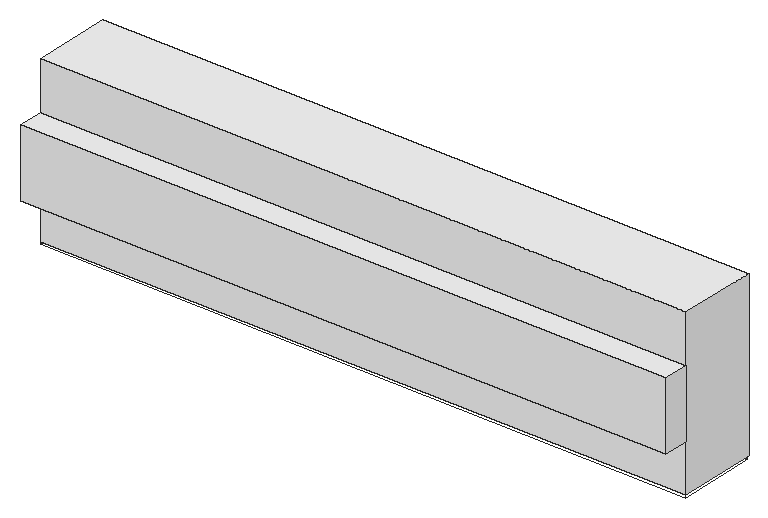
Revit family "CWM", category Lighting Fixtures, host Wall, Revit 2021
Family settings
  Host = Wall
  Round Connector Dimension = Use Diameter
  Part Type = Normal
  OmniClass Number = 23.80.70.00
  OmniClass Title = Lighting
  Always vertical = Yes
  Cut with Voids When Loaded = No
  Light Source = Yes
  Shared = No
  Room Calculation Point = No
Parameters (values of type "CWM-2'")
  Wattage = 36 W
  Warranty = "Five year‐warranty standard. (Terms and Conditions Apply)"  # constant formula
  built-in parameter 1150110 = 1 (stored number, unit not read)
  URL = "https://www.currentlighting.com/columbialighting"
  Type Comments = "Light Fixture"  # constant formula
  built-in parameter 1114217 = 1 (stored number, unit not read)
  Tilt Angle = 90.00°
  built-in parameter 1150109 = 1 (stored number, unit not read)
  built-in parameter 1150134 = 3
  built-in parameter 1150113 = 1 (stored number, unit not read)
  Staight [instance] = yes
  Product Page URL = ""
  Product Name = "CWM"
  Product Doucmentation Link = ""
  Photometric Web File = "CWM2-50MLxx-DISB-EDU.ies"
  Photometric Note = "For More Photometric Web file please refer above link"
  Model = "Contemporary LED Wall Mount"  # constant formula
  Manufacturer = "Columbia Lighting"  # constant formula
  built-in parameter 1150105 = -2257398 (stored number, unit not read)
  Lumens = 2574 lm
  built-in parameter 1150115 = 1 (stored number, unit not read)
  Lighting Connector Description = "Lighting Connector"
  built-in parameter 1150137 = (empty or 0)
  built-in parameter 1150139 = (empty or 0)
  Length = 24.00"
  built-in parameter 1150112 = 1 (stored number, unit not read)
  built-in parameter 1150114 = 1 (stored number, unit not read)
  Lamp = "LED"
  built-in parameter 1150132 = (empty or 0)
  built-in parameter 1150102 = (empty or 0)
  built-in parameter 1150107 = 3200 (stored number, unit not read)
  built-in parameter 1150138 = (empty or 0)
  built-in parameter 1150106 = -22574 (stored number, unit not read)
  Housing = Paint -  Matte White
  Glass = Glass -  White
  Features = "Simplistic modular design with interchangeable lenses and end caps\r\n• The direct/indirect CWM is intended for ambient illumination such as corridors, overbed, and vanity\r\napplications. Available in both semi‐recessed and flush mount configurations\r\n• Direct/Indirect version comes available with multiple fascia styles including a straight, round, and\r\noptional custom 3form inserts\r\n• Four LED color choices and 84 CRI\r\n• Long-life LEDs 60,000 hours at L80 with projected life over 86,000 hours for reduced life cycle\r\nmaintenance costs\r\n• Easy removal of lens allows access to electrical components for modular replaceability\r\n• Luminaire installs in three easy steps without disassembling the fixture\r\n• Slender profile meets ADA requirements for wall mounted product\r\n• Optional SpectraSync™ offers three modes of tunable white solutions and integrates seamlessly\r\ninto a variety of control systems\r\n• NX Distributed Intelligence™ provides options for standalone and networked integrated sensor\r\nwith wired or wireless connectivity for NX system deployments\r\n• CSA listed and suitable for damp locations\r\n• 5 Year Warranty (Terms and Conditions apply"  # constant formula
  Emit from Rectangle Width = 2.00"  # constant formula
  Emit from Rectangle Length = Length - 2.00"  # 22.00"
  Emit Shape Visible in Rendering = no
  built-in parameter 1150104 = 6.6426 (stored number, unit not read)
  Dimming Lamp Color Temperature Shift = <None>
  Description = "CWM is a sleek, contemporary wall mount luminaire that provides unparalleled versatility and reliability, offering best-in-class efficacy with up to 109 Lumens per Watt."
  Default Elevation = 0.00"
  Curved [instance] = not(Staight)  # no
  Copyright = "© Columbia Lighting"  # constant formula
  Contact us = ""
  Color Filter = 16777215
  Certifications = "All luminaires are built to UL 1598 and 2108 standards, and bear appropriate CSA labels. Damp location\r\nlabeling is standard. Emergency equipped fixtures labeled UL924. Adheres to LM79, LM80, and TM21\r\nindustry standards. NX is available in U.S., Canada and Mexico. For other locations consult factory."  # constant formula
  built-in parameter 1114218 = 1 (stored number, unit not read)
  built-in parameter 1150133 = 10 (stored number, unit not read)
Types (3): name | Photometric Web File | Length | Emit from Rectangle Length
  (no name) | "CWM2-50MLxx-DISB-EDU.ies" | 24.00" | 22.00"
  CWM-2' | "CWM2-50MLxx-DISB-EDU.ies" | 24.00" | 22.00"
  CWM-4' | "CWM4-35LWxx-DIC-EDU.ies" | 48.00" | 46.00"
Reference planes (in)
  plane 1: y = 0
  plane 2 "Center (Left/Right)": x = 0
  plane 3 "Wall Edge": y = 3
  plane 4: x = 12
  plane 5: x = -12
  plane 6: z = 96
  plane 7: z = 102.09
  plane 8: z = 95.87
  plane 9: y = 6.84
  plane 10: y = 3.93375
Forms (in)
  Extrusion 1, solid, material "Paint -  Matte White" <- "Housing", visible <- "Staight"
    sketch origin (0, -3, 0) x (1, 0, 0) y (0, 0, -1)
      loop
        line (12, -102.09) -> (12, -96) -> (-12, -96) -> (-12, -102.09) -> (12, -102.09)
    from 6.93375 to 9.84
  Extrusion 2, solid, material "Paint -  Matte White" <- "Housing"
    sketch origin (0, 0, 0) x (0, -1, 0) y (0, 0, -1)
      loop
        line (-3.93375, -100.29874) -> (-3, -100.29874) -> (-3, -97.75073) -> (-3.93375, -97.75073) -> (-3.93375, -100.29874)
    from -12 to 12
  Extrusion 3, solid, material "Paint -  Matte White" <- "Housing", visible <- "Curved"
    sketch origin (0, 0, 0) x (0, -1, 0) y (0, 0, -1)
      loop
        line (-3.93375, -96) -> (-5.84, -96)
        arc (-5.84, -96) -> (-6.84, -99.045) -> (-5.84, -102.09) r 5.13601
        line (-5.84, -102.09) -> (-3.93375, -102.09) -> (-3.93375, -96)
    from -12 to 12
  Extrusion 4, solid, material "Glass -  White" <- "Glass", visible <- "Curved"
    sketch origin (0, 0, 0) x (0, -1, 0) y (0, 0, -1)
      loop
        line (-3.93375, -96) -> (-3.93375, -95.875) -> (-5.80875, -95.875) -> (-5.80875, -96) -> (-3.93375, -96)
    from -12 to 12
  Extrusion 5, solid, material "Glass -  White" <- "Glass", visible <- "Staight"
    sketch origin (0, 0, 0) x (0, -1, 0) y (0, 0, -1)
      loop
        line (-3.93375, -96) -> (-3.93375, -95.87) -> (-6.84, -95.87) -> (-6.84, -96) -> (-3.93375, -96)
    from -12 to 12
Text (in)
  text "Placement Side" at (0, 22.0041, 123.01588), in view "Right"
  text "Placement Side" at (-70.3804, 28.46503, 0), in view "Ref. Level"
  text "Placement Side" at (0, 81.56103, 140.59947), in view "Left"
Dimensions and locks (in)
  locked: plane 3 "Wall Edge" to host wall
  "Length": plane 4 to plane 5
  equal spacing: plane 4, plane 2 "Center (Left/Right)", plane 5
  plane 6 to level = 96.00"
  plane 7 to plane 6 = 6.09"
  plane 5 to plane 2 "Center (Left/Right)" to plane 4 = 12.00", 12.00"
  plane 9 to plane 10 to host wall = 2.90625" locked, 0.93375" locked
  aligned and locked: plane 8 to imposter light
  aligned and locked: Extrusion 1 to Extrusion 2
  aligned and locked: Extrusion 2 to Extrusion 1
  aligned and locked: Extrusion 5 to Extrusion 1
  aligned and locked: Extrusion 4 to Extrusion 1
  aligned and locked: Extrusion 5 to plane 9
  aligned and locked: Extrusion 1 to plane 9
  aligned and locked: plane 10 to Extrusion 5
  aligned and locked: plane 10 to Extrusion 4
  aligned and locked: plane 10 to Extrusion 3  (x2)
  aligned and locked: plane 10 to Extrusion 1
  aligned and locked: Extrusion 2 to plane 10
  aligned and locked: plane 4 to Extrusion 1
  aligned and locked: plane 4 to Extrusion 3
  aligned and locked: Extrusion 3 to plane 5
  aligned and locked: Extrusion 1 to plane 5
  aligned and locked: plane 4 to Extrusion 5
  aligned and locked: plane 4 to Extrusion 4
  aligned and locked: Extrusion 5 to plane 5
  aligned and locked: Extrusion 4 to plane 5
Automatic sketch dimensions
  plane 5 to Extrusion 1 sketch curve = 0.00"
  Extrusion 1 sketch curve to plane 4 = 0.00"
  Extrusion 1 sketch curve to plane 7 = 0.00"
  Extrusion 1 sketch curve to plane 6 = 0.00"
  Extrusion 2 sketch curve to host wall = 0.00"
  Extrusion 2 sketch curve to Extrusion 2 sketch curve = 0.93375"
  Extrusion 2 sketch curve to plane 6 = 1.75073"
  plane 7 to Extrusion 2 sketch curve = 1.79126"
  Extrusion 3 sketch curve to plane 6 = 0.00"
  Extrusion 3 sketch curve to plane 7 = 0.00"
  Extrusion 3 sketch curve to host wall = 2.84"  (x2)
  Extrusion 3 sketch curve to host wall = 0.93375"
  host wall to Extrusion 3 sketch curve = 1.29601"
  Extrusion 4 sketch curve to plane 6 = 0.00"
  Extrusion 4 sketch curve to host wall = 2.80875"
  Extrusion 4 sketch curve to plane 8 = 0.005"
  Extrusion 4 sketch curve to host wall = 0.93375"
  Extrusion 5 sketch curve to plane 6 = 0.00"
  Extrusion 5 sketch curve to plane 8 = 0.00"
  Extrusion 5 sketch curve to host wall = 3.84"
  Extrusion 5 sketch curve to host wall = 0.93375"
Connectors (in)
  electrical at (0, 6.84, 99.045)
    settings: on Extrusion 1, index 1, voltage 120 V, apparent load 0 VA, apparent load phase1 33 VA, apparent load phase2 0 VA, apparent load phase3 0 VA, power factor 1, load classification "Other", number of poles 1, system type 30, power factor state 1, is connector primary yes, connector utility no, sub classification motor no, connector description "Lighting Connector"
